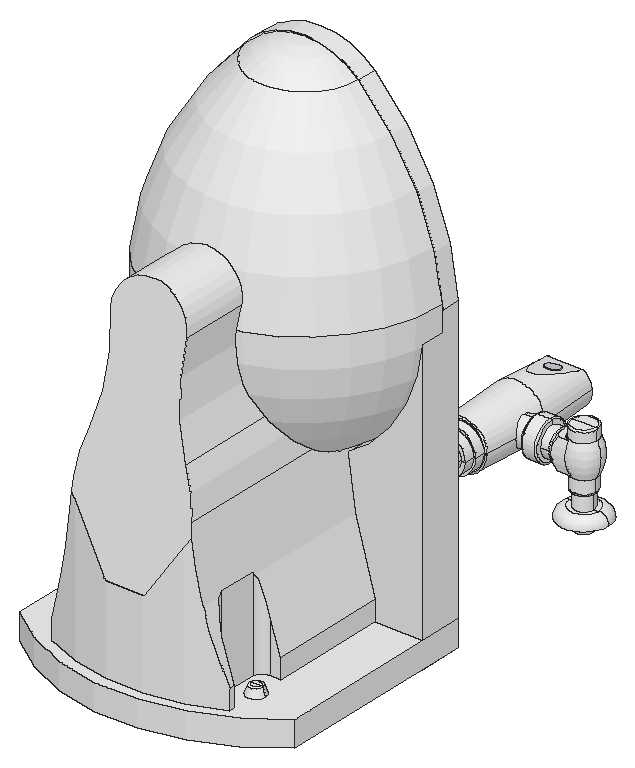
Revit family "11", category Plumbing Fixtures, host Face, Revit 2019 (continued)
Definition of nested family "Flush_Valve-American_Standard-Selectronic-6065.1XX_Series"
  Automatic sketch dimensions
    plane 1 "Center (Front/Back)" to Masking region 1 sketch curve = 0"
    Masking region 1 sketch curve to plane 3 "Center (Left/Right)" = 0"
    Masking region 1 sketch curve to plane 20 = 0"
    plane 15 to Masking region 1 sketch curve = 0.08976"  (x2)
    plane 15 to Masking region 1 sketch curve = 0.02667"  (x2)
    plane 15 to Masking region 1 sketch curve = 0.00463"  (x2)
    plane 15 to Masking region 1 sketch curve = 0.00238"  (x2)
    Masking region 1 sketch curve to plane 15 = 0.36404"  (x2)
    Masking region 1 sketch curve to Masking region 1 sketch curve = 0.01271"  (x2)
    Masking region 1 sketch curve to Masking region 1 sketch curve = 0.12493"
    Masking region 1 sketch curve to plane 16 = 0.21116"
    Masking region 1 sketch curve to plane 16 = 0.21102"
    plane 16 to Masking region 1 sketch curve = 0.22284"
    Masking region 1 sketch curve to Masking region 1 sketch curve = 0.0246"
    Masking region 1 sketch curve to Masking region 1 sketch curve = 0.02501"
    Masking region 1 sketch curve to Masking region 1 sketch curve = 0.06247"  (x2)
    Masking region 1 sketch curve to Masking region 1 sketch curve = 0.06273"  (x2)
    Masking region 1 sketch curve to plane 22 = 1 1/4"
    Masking region 1 sketch curve to Masking region 1 sketch curve = 0.48868"
    Masking region 1 sketch curve to Masking region 1 sketch curve = 0.53748"
    Masking region 1 sketch curve to Masking region 1 sketch curve = 0.03148"
    plane 1 "Center (Front/Back)" to Masking region 1 sketch curve = 0.02954"
    Masking region 1 sketch curve to Masking region 1 sketch curve = 0.08951"
    Masking region 1 sketch curve to Masking region 1 sketch curve = 0.1272"
    Masking region 1 sketch curve to plane 20 = 1/2"
    Masking region 1 sketch curve to Masking region 1 sketch curve = 0.05122"
    Masking region 1 sketch curve to Masking region 1 sketch curve = 0.03172"  (x2)
    Masking region 1 sketch curve to Masking region 1 sketch curve = 0.2831"
    Masking region 1 sketch curve to Masking region 1 sketch curve = 0.03216"
    Masking region 1 sketch curve to Masking region 1 sketch curve = 0.03258"  (x2)
    Masking region 1 sketch curve to Masking region 1 sketch curve = 0.06323"  (x2)
    Masking region 1 sketch curve to Masking region 1 sketch curve = 0.06472"
    Masking region 1 sketch curve to Masking region 1 sketch curve = 0.06028"
    Masking region 1 sketch curve to Masking region 1 sketch curve = 1/4"
    Masking region 1 sketch curve to Masking region 1 sketch curve = 1/2"
    plane 1 "Center (Front/Back)" to Masking region 1 sketch curve = 0.41274"
    Masking region 1 sketch curve to Masking region 1 sketch curve = 0.08726"  (x2)
    Masking region 1 sketch curve to Masking region 1 sketch curve = 0.05386"  (x2)
    Masking region 1 sketch curve to Masking region 1 sketch curve = 0.0609"
    Masking region 1 sketch curve to Masking region 1 sketch curve = 0.04594"
    plane 1 "Center (Front/Back)" to Masking region 1 sketch curve = 0.83198"
    Masking region 1 sketch curve to Masking region 1 sketch curve = 0.27351"
    Masking region 1 sketch curve to Masking region 1 sketch curve = 0.50323"
    Masking region 1 sketch curve to plane 1 "Center (Front/Back)" = 0.41274"
    Masking region 1 sketch curve to Masking region 1 sketch curve = 0.06083"
    Masking region 1 sketch curve to plane 1 "Center (Front/Back)" = 0.72212"
    Masking region 1 sketch curve to Masking region 1 sketch curve = 0.06204"
    Masking region 1 sketch curve to Masking region 1 sketch curve = 0.21565"
    Masking region 1 sketch curve to Masking region 1 sketch curve = 0.01206"
    Masking region 1 sketch curve to Masking region 1 sketch curve = 0.1709"
    Masking region 1 sketch curve to Masking region 1 sketch curve = 0.22079"
    Masking region 1 sketch curve to Masking region 1 sketch curve = 0.06905"
    plane 22 to Masking region 1 sketch curve = 0.60187"
    Revolve 9 sketch curve to plane 22 = 0"
    Revolve 9 sketch curve to Revolve 9 sketch curve = 1/4"
    Revolve 2 sketch curve to plane 29 = 0"
    Revolve 2 sketch curve to plane 3 "Center (Left/Right)" = 0"
    plane 1 "Center (Front/Back)" to Revolve 2 sketch curve = 0"  (x2)
    Revolve 2 sketch curve to plane 16 = 0"
    Revolve 2 sketch curve to plane 1 "Center (Front/Back)" = 0.62807"
    Revolve 2 sketch curve to plane 1 "Center (Front/Back)" = 85/128"
    Revolve 2 sketch curve to Revolve 2 sketch curve = 0.06094"
    Revolve 2 sketch curve to Revolve 2 sketch curve = 35/128"
    Revolve 2 sketch curve to Revolve 2 sketch curve = 0.30943"
    plane 29 to Revolve 2 sketch curve = 1/16"
    Revolve 2 sketch curve to plane 16 = 0.50758"
    plane 16 to Revolve 2 sketch curve = 0.22285"
    curve 2 to curve 3 = 0"  (x2)
    curve 2 to curve 4 = 0"  (x2)
    plane 1 "Center (Front/Back)" to curve 3 = 0"
    curve 3 to plane 3 "Center (Left/Right)" = 0"
    curve 6 to plane 3 "Center (Left/Right)" = 0"
    curve 5 to plane 3 "Center (Left/Right)" = 0"
    plane 1 "Center (Front/Back)" to curve 14 = 0.03085"
    plane 22 to curve 14 = 0.98362"
    curve 5 to curve 2 = 0.38628"
    curve 6 to curve 6 = 0.36534"
    curve 5 to plane 23 = 0.2257"
    plane 15 to curve 2 = 0.08976"  (x2)
    curve 3 to plane 16 = 0.21158"
    curve 3 to plane 16 = 0.21102"
    plane 16 to curve 1 = 0.24785"
    curve 11 to curve 14 = 0.34666"
    curve 11 to curve 14 = 0.38789"
    curve 9 to plane 22 = 1/2"
    curve 10 to curve 9 = 0"
    plane 22 to curve 10 = 1/2"
    curve 9 to curve 10 = 0"
    plane 22 to curve 13 = 0.65758"
    plane 22 to curve 12 = 0.69682"
    plane 1 "Center (Front/Back)" to curve 2 = 1/2"
    plane 1 "Center (Front/Back)" to curve 7 = 0.66427"
    curve 1 to curve 7 = 0.02323"
    plane 1 "Center (Front/Back)" to curve 8 = 0.71699"
    curve 11 to curve 8 = 0.02289"
    curve 3 to curve 1 = 0.06227"
    curve 14 to curve 11 = 0.0921"
    curve 5 to curve 2 = 0.35073"
    curve 6 to curve 5 = 0.17192"
    curve 7 to plane 1 "Center (Front/Back)" = 85/128"
    curve 1 to curve 3 = 0.06319"
    curve 8 to plane 1 "Center (Front/Back)" = 0.72212"
    curve 11 to curve 14 = 0.11379"
    radius of Extrusion 6 sketch curve = 3/8"
  Connectors (in)
    piping at (4.25, 2.875, 11.5), diameter 1, driven by "Cold Water Connection Radius", driven by "CWFU"
      settings: on cut or joined group of Revolve 1, Revolve 2, Extrusion 3, Revolve 4, Revolve 5, Extrusion 7, Revolve 8, Revolve 9, index 1, connector inside diameter 24", connector length 0", flow factor 0, pipe flow 0 GPM, pressure drop 0.00 psi, fitting loss kfactor 0, connector angle 0.00°, fixture units 5, engagement length 0", angle of deflection 0.00°, flow configuration 3, flow direction 1, fitting loss method 0, system type 20, joint type 0, gender type 0, connector reference index -1, connector utility 0, adjustable connector no, is connector primary yes, connector description "1\" I.P.S Supply Inlet"
